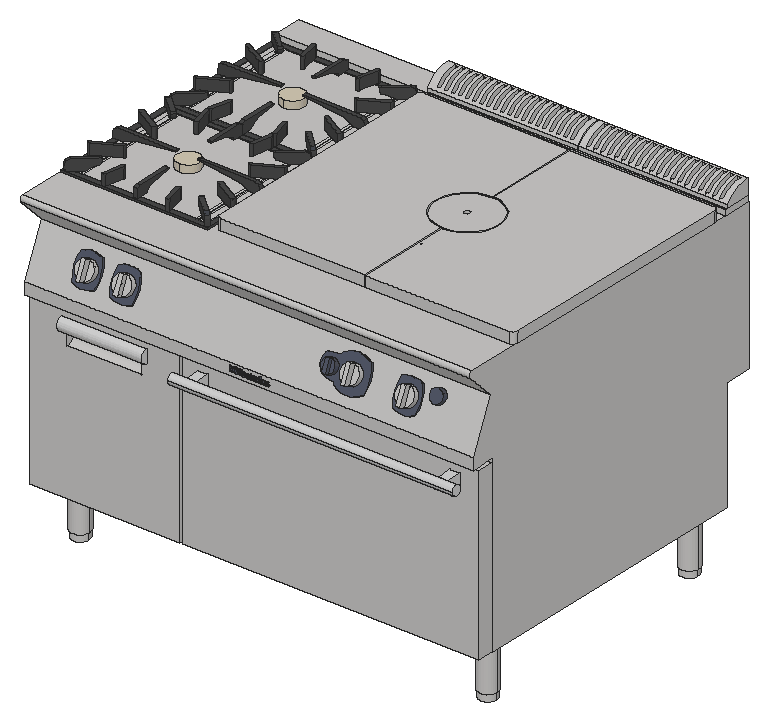
Revit family "QF_ELECTROLUXPROFESSIONAL_391021_E9STGL3010", category Specialty Equipment, Revit 2018
Family settings
  Round Connector Dimension = Use Diameter
  Part Type = Normal
  Work Plane-Based = No
  Always vertical = Yes
  Cut with Voids When Loaded = No
  Shared = No
  Room Calculation Point = No
Parameters
  Width = 1200 mm  # constant formula
  Weight in Pounds = 207  # constant formula
  Watts = 0 W
  URL Cutsheet = "www.electrolux.com"
  URL = "www.electrolux.com"
  Type Mark [instance] = ""
  Status [instance] = ""
  Specification by User [instance] = ""
  Specification by Manufacturer = ""
  Show Logo [instance] = yes
  Show Clearance [instance] = yes
  Serial Number = ""
  Seismic Rating = ""
  SMACNA No = ""
  Revision Code [instance] = ""
  Omniclass Number and Title = ""
  NAFEM Spec ID Number = ""
  Model = "391021"
  Mechanical Remarks [instance] = ""
  Mechanical Connection Type [instance] = ""
  Masterspec = ""
  Manufacturer = "ELECTROLUX"
  Item Number [instance] = ""
  Installed By [instance] = ""
  Identify Quantity as Lot [instance] = yes
  Height = 909 mm  # constant formula
  HP = "0 HP"
  Gas Size = 12.7 mm  # 1/2"
  Gas RI Height [instance] = 0 mm
  Gas KW [instance] = 35  # constant formula
  Gas Input [instance] = 119315.0 Btu/h
  Gas Connection Height = 0 mm
  Furnished By [instance] = ""
  Foodservice Equipment Identifier [instance] = yes
  Direct Waste Size = 0"
  Description = "900XP GAS SOLID TOP, GAS OVEN WITH TWO BURNERS AND CUPBOARD- LPG/NATURAL GAS"
  Depth = 700 mm  # constant formula
  CSI MasterFormat = ""
  CSI Master Format = ""
  Assembly Code = ""
Reference planes
  plane 1 "BACK": y = 0
  plane 2: z = 0
  plane 3 "LEFT": x = 0
  plane 4 "RIGHT": x = 1200
  plane 5 "FRONT": y = -930
  plane 6 "TOP": z = 908
  plane 7 "Center Y": x = 600
  plane 8 "Center X": y = -465
  plane 9 "Base": z = 150
  plane 10: z = 851
  plane 11: y = -126
  plane 12: y = -799.871
  plane 13: y = -664
  plane 14: y = -1309
  plane 15: y = -576
  plane 16: x = 1144
  plane 17: x = 56
  plane 18: z = 909
Forms (mm)
  Revolve 1, solid, material "QF_Finishes_Stainless Steel"
    sketch origin (1, -126, 0) x (1, 0, 0) y (0, 0, 1)
      loop
        line (55, 0) -> (55, 150) -> (29.6, 150) -> (29.6, 19.05) -> (32.1, 19.05) -> (32.1, 0) -> (55, 0)
      axis (55, 0) -> (55, 150)
    angle from 0 to 360
  Revolve 2, solid, material "QF_Finishes_Stainless Steel"
    sketch origin (1, -799.458, 0) x (1, 0, 0) y (0, 0, 1)
      loop
        line (55, 0) -> (55, 150) -> (29.6, 150) -> (29.6, 19.05) -> (32.1, 19.05) -> (32.1, 0) -> (55, 0)
      axis (55, 0) -> (55, 150)
    angle from 0 to 360
  Revolve 3, solid, material "QF_Finishes_Stainless Steel"
    sketch origin (799, -126, 0) x (-1, 0, 0) y (0, 0, -1)
      loop
        line (-345, 0) -> (-367.9, 0) -> (-367.9, -19.05) -> (-370.4, -19.05) -> (-370.4, -150) -> (-345, -150) -> (-345, 0)
      axis (-345, 0) -> (-345, -150)
    angle from 0 to 360
  Revolve 4, solid, material "QF_Finishes_Stainless Steel"
    sketch origin (799, -799.458, 0) x (-1, 0, 0) y (0, 0, -1)
      loop
        line (-345, 0) -> (-367.9, 0) -> (-367.9, -19.05) -> (-370.4, -19.05) -> (-370.4, -150) -> (-345, -150) -> (-345, 0)
      axis (-345, 0) -> (-345, -150)
    angle from 0 to 360
  Extrusion 5, solid, material "QF_Finishes_Stainless Steel"
    sketch origin (0, 0, 0) x (0, 1, 0) y (0, 0, 1)
      loop
        line (0, 451) -> (0, 851) -> (-921.37, 851)
        arc (-921.37, 851) -> (-929.343, 845.673) -> (-927.472, 836.268) r 8.63
        line (-927.472, 836.268) -> (-858.137, 766.933) -> (-915.833, 641.576) -> (-915.833, 610.279) -> (-855.71, 614.975)
        arc (-855.71, 614.975) -> (-853.185, 614.227) -> (-852.093, 611.831) r 3.175
        line (-852.093, 611.831) -> (-852.093, 150) -> (-71, 150) -> (-71, 451) -> (0, 451)
    from 0 to 1200
  Extrusion 6, solid, material "QF_Finishes_Stainless Steel"
    sketch origin (0, -852.093, 611.831) x (0, 0, -1) y (1, 0, 0)
      loop
        line (461.831, 408.5) -> (461.831, 1200) -> (9.61, 1200) -> (9.61, 408.5) -> (461.831, 408.5)
      loop
        line (461.831, 0) -> (461.831, 400.5) -> (9.61, 400.5) -> (9.61, 0) -> (461.831, 0)
      loop
        line (95.781, 100.253) -> (95.781, 300.8) -> (44.981, 300.8) -> (44.981, 100.253) -> (95.781, 100.253)
    from 3.175 to 47.778
  Extrusion 7, solid, material "QF_Finishes_Stainless Steel"
    sketch origin (0, 0, 576.213) x (0, 1, 0) y (0, 0, 1)
      loop
        line (0, 274.787) -> (0, 289.075) -> (-76.2, 289.075) -> (-76.2, 274.787) -> (0, 274.787)
    from 0 to 1200
  Extrusion 8, solid, material "QF_Finishes_Stainless Steel"
    sketch origin (0, -852.093, 150) x (1, 0, 0) y (0, -1, 0)
      loop
        circle (1148, -188.093) r 6.4
    from 0 to 21
  Extrusion 9, solid, material "QF_Door-Drawer Clearances", visible <- "Show Clearance", detail levels coarse
    sketch origin (0, -199.871, 0) x (0, 1, 0) y (0, 0, 1)
      loop
        line (-1109, 150) -> (-700, 150) -> (-700, 601.405)
        arc (-700, 601.405) -> (-991.543, 454.568) -> (-1109, 150) r 453.603
    from 0 to 1200
  Extrusion 10, solid, material "QF_Clearances", visible <- "Show Clearance", detail levels coarse
    sketch origin (0, -199.871, 0) x (1, 0, 0) y (0, 1, 0)
      loop
        line (-100, -730.129) -> (0, -730.129) -> (0, 199.871) -> (1200, 199.871) -> (1200, -730.129) -> (1300, -730.129) -> (1300, 299.871) -> (-100, 299.871) -> (-100, -730.129)
    from 0 to 909
  Extrusion 11, solid, material "QF_Finishes_Handrails and Railings"
    sketch origin (400, -199.871, 0) x (0, 1, 0) y (0, 0, 1)
      loop
        line (-700, 580.101) -> (-738.678, 577.396)
        arc (-738.678, 577.396) -> (-739.871, 563.589) -> (-752.981, 559.093) r 12.7
        arc (-752.981, 559.093) -> (-752.44, 558.276) -> (-751.841, 557.501) r 13.441
        arc (-751.841, 557.501) -> (-750.036, 556.055) -> (-747.808, 555.435) r 5.77
        line (-747.808, 555.435) -> (-700, 552.092) -> (-700, 580.101)
    from 50.8 to 76.2
  Extrusion 12, solid, material "QF_Finishes_Handrails and Railings"
    sketch origin (1200, -199.871, 0) x (0, 1, 0) y (0, 0, -1)
      loop
        line (-700, -580.101) -> (-700, -552.092) -> (-747.808, -555.435)
        arc (-747.808, -555.435) -> (-750.036, -556.055) -> (-751.841, -557.501) r 5.77
        arc (-751.841, -557.501) -> (-752.44, -558.276) -> (-752.981, -559.093) r 13.441
        arc (-752.981, -559.093) -> (-739.871, -563.589) -> (-738.678, -577.396) r 12.7
        line (-738.678, -577.396) -> (-700, -580.101)
    from 50.8 to 76.2
  Extrusion 13, solid, material "QF_Finishes_Handrails and Railings"
    sketch origin (400, -199.871, 0) x (0, 1, 0) y (0, 0, 1)
      loop
        circle (-749.878, 571.409) r 12.7
    from 19.875 to 780.125
  Extrusion 14, solid, material "QF_Finishes_Handrails and Railings"
    sketch origin (177.525, -643.767, 1933.213) x (0, 0.885087, 0.465426) y (0, -0.465426, 0.885087)
      loop
        arc (-854.583, -1074.877) -> (-878.595, -1082.338) -> (-871.133, -1106.35) r 17.78
        line (-871.133, -1106.35) -> (-854.583, -1074.877)
    from -89.972 to 135.975
  Extrusion 15, solid, material "QF_Finishes_Stainless Steel"
    sketch origin (-22.5, -199.871, 28.959) x (0, 1, 0) y (0, 0, 1)
      loop
        line (-700, 487.091) -> (-657.087, 487.091) -> (-657.087, 537.891) -> (-678.147, 537.891) -> (-678.147, 511.564)
        arc (-678.147, 511.564) -> (-684.405, 495.159) -> (-700, 487.091) r 24.63
    from 122.753 to 323.3
  Extrusion 16, solid, material "QF_Finishes_Stainless Steel"
    sketch origin (402.6, -199.871, 850.85) x (0, -1, 0) y (1, 0, 0)
      loop
        arc (-99.871, 13.8) -> (-96.151, 4.82) -> (-87.171, 1.1) r 12.7
        line (-87.171, 1.1) -> (568.629, 1.1)
        arc (568.629, 1.1) -> (577.609, 4.82) -> (581.329, 13.8) r 12.7
        line (581.329, 13.8) -> (581.329, 398.413) -> (326.205, 398.413)
        arc (326.205, 398.413) -> (240.65, 314.787) -> (155.25, 398.571) r 85.497
        line (155.25, 398.571) -> (-99.871, 398.571) -> (-99.871, 13.8)
      loop
        arc (581.329, 784.7) -> (577.609, 793.68) -> (568.629, 797.4) r 12.7
        line (568.629, 797.4) -> (-87.171, 797.4)
        arc (-87.171, 797.4) -> (-96.151, 793.68) -> (-99.871, 784.7) r 12.7
        line (-99.871, 784.7) -> (-99.871, 401.528) -> (155.244, 401.528)
        arc (155.244, 401.528) -> (240.97, 485.459) -> (326.222, 401.047) r 85.5
        line (326.222, 401.047) -> (581.329, 401.047) -> (581.329, 784.7)
      loop
        circle (240.73, 400) r 82.6
      loop
        circle (240.73, 400) r 7
    from 0 to 28.575
  Extrusion 17, solid, material "QF_Finishes_Stainless Steel"
    sketch origin (402.6, -199.871, 850.85) x (0, -1, 0) y (1, 0, 0)
      loop
        circle (405, 400) r 7
    from 0 to 26.981
  Extrusion 18, solid, material "QF_Finishes_Navy Blue"
    sketch origin (462.744, -913.643, 646.186) x (0, 0.418102, 0.9084) y (-1, 0, 0)
      loop
        arc (102.623, -510.47) -> (67.041, -502.846) -> (31.333, -509.853) r 90.5
        arc (31.333, -509.853) -> (24.507, -539.04) -> (31.333, -568.228) r 65.817
        arc (31.333, -568.228) -> (67.04, -575.188) -> (102.623, -567.615) r 91.066
        arc (102.623, -567.615) -> (109.179, -539.043) -> (102.623, -510.47) r 65.546
    from 0 to 3.175
  Extrusion 19, solid, material "QF_Finishes_Stainless Steel"
    sketch origin (841.494, -917.356, 645.711) x (0, 0.418102, 0.9084) y (-1, 0, 0)
      loop
        circle (68.826, -160.963) r 25.4
    from 0 to 12.7
  Extrusion 20, solid, material "QF_Finishes_Stainless Steel"
    sketch origin (841.494, -928.893, 651.021) x (0, 0.418102, 0.9084) y (-1, 0, 0)
      loop
        arc (93.558, -166.749) -> (94.226, -160.963) -> (93.558, -155.177) r 25.4
        line (93.558, -155.177) -> (44.094, -155.177)
        arc (44.094, -155.177) -> (43.426, -160.963) -> (44.094, -166.749) r 25.4
        line (44.094, -166.749) -> (93.558, -166.749)
    from 0 to 12.7
  Extrusion 21, solid, material "QF_Finishes_Navy Blue"
    sketch origin (762.014, -903.19, 668.896) x (0, 0.418102, 0.9084) y (-1, 0, 0)
      loop
        circle (65.471, -315.169) r 17.78
    from 0 to 12.7
  Extrusion 22, solid, material "QF_Finishes_Navy Blue"
    sketch origin (315.287, -913.643, 646.186) x (0, 0.418102, 0.9084) y (-1, 0, 0)
      loop
        arc (104.355, -502.587) -> (101.326, -501.258) -> (98.25, -500.039) r 91.066
        arc (98.25, -500.039) -> (96.592, -482.449) -> (93.213, -465.107) r 179.528
        arc (93.213, -465.107) -> (69.244, -452.795) -> (45.274, -465.107) r 29.489
        arc (45.274, -465.107) -> (38.909, -481.441) -> (37.449, -498.912) r 61.044
        arc (37.449, -498.912) -> (34.471, -499.962) -> (31.532, -501.116) r 91.066
        arc (31.532, -501.116) -> (19.517, -540.223) -> (32.929, -578.873) r 65.817
        arc (32.929, -578.873) -> (68.105, -585.173) -> (102.996, -577.452) r 91.066
        arc (102.996, -577.452) -> (115.418, -540.233) -> (104.355, -502.587) r 65.546
    from 0 to 3.175
  Extrusion 23, solid, material "QF_Finishes_Stainless Steel"
    sketch origin (694.037, -917.356, 645.711) x (0, 0.418102, 0.9084) y (-1, 0, 0)
      loop
        circle (68.826, -160.963) r 25.4
    from 0 to 12.7
  Extrusion 24, solid, material "QF_Finishes_Stainless Steel"
    sketch origin (694.037, -928.893, 651.021) x (0, 0.418102, 0.9084) y (-1, 0, 0)
      loop
        arc (93.558, -166.749) -> (94.226, -160.963) -> (93.558, -155.177) r 25.4
        line (93.558, -155.177) -> (44.094, -155.177)
        arc (44.094, -155.177) -> (43.426, -160.963) -> (44.094, -166.749) r 25.4
        line (44.094, -166.749) -> (93.558, -166.749)
    from 0 to 12.7
  Extrusion 25, solid, material "QF_Finishes_Navy Blue"
    sketch origin (636.537, -917.356, 645.711) x (0, 0.418102, 0.9084) y (-1, 0, 0)
      loop
        circle (68.826, -160.963) r 18.37
    from 0 to 12.7
  Extrusion 26, solid, material "QF_Finishes_Navy Blue"
    sketch origin (635.246, -928.893, 651.021) x (0, 0.418102, 0.9084) y (-1, 0, 0)
      loop
        arc (84.808, -167.687) -> (85.476, -161.901) -> (84.808, -156.114) r 25.4
        line (84.808, -156.114) -> (52.844, -156.114)
        arc (52.844, -156.114) -> (52.176, -161.901) -> (52.844, -167.687) r 25.4
        line (52.844, -167.687) -> (84.808, -167.687)
    from 0 to 8.112
  Extrusion 27, solid, material "QF_Finishes_Navy Blue"
    sketch origin (-392.256, -913.643, 646.186) x (0, 0.418102, 0.9084) y (-1, 0, 0)
      loop
        arc (102.623, -510.47) -> (67.041, -502.846) -> (31.333, -509.853) r 90.5
        arc (31.333, -509.853) -> (24.507, -539.04) -> (31.333, -568.228) r 65.817
        arc (31.333, -568.228) -> (67.04, -575.188) -> (102.623, -567.615) r 91.066
        arc (102.623, -567.615) -> (109.179, -539.043) -> (102.623, -510.47) r 65.546
    from 0 to 3.175
  Extrusion 28, solid, material "QF_Finishes_Stainless Steel"
    sketch origin (-13.506, -917.356, 645.711) x (0, 0.418102, 0.9084) y (-1, 0, 0)
      loop
        circle (68.826, -160.963) r 25.4
    from 0 to 12.7
  Extrusion 29, solid, material "QF_Finishes_Stainless Steel"
    sketch origin (-13.506, -928.893, 651.021) x (0, 0.418102, 0.9084) y (-1, 0, 0)
      loop
        arc (93.558, -166.749) -> (94.226, -160.963) -> (93.558, -155.177) r 25.4
        line (93.558, -155.177) -> (44.094, -155.177)
        arc (44.094, -155.177) -> (43.426, -160.963) -> (44.094, -166.749) r 25.4
        line (44.094, -166.749) -> (93.558, -166.749)
    from 0 to 12.7
  Extrusion 30, solid, material "QF_Finishes_Navy Blue"
    sketch origin (-292.256, -913.643, 646.186) x (0, 0.418102, 0.9084) y (-1, 0, 0)
      loop
        arc (102.623, -510.47) -> (67.041, -502.846) -> (31.333, -509.853) r 90.5
        arc (31.333, -509.853) -> (24.507, -539.04) -> (31.333, -568.228) r 65.817
        arc (31.333, -568.228) -> (67.04, -575.188) -> (102.623, -567.615) r 91.066
        arc (102.623, -567.615) -> (109.179, -539.043) -> (102.623, -510.47) r 65.546
    from 0 to 3.175
  Extrusion 31, solid, material "QF_Finishes_Stainless Steel"
    sketch origin (86.494, -917.356, 645.711) x (0, 0.418102, 0.9084) y (-1, 0, 0)
      loop
        circle (68.826, -160.963) r 25.4
    from 0 to 12.7
  Extrusion 32, solid, material "QF_Finishes_Stainless Steel"
    sketch origin (86.494, -928.893, 651.021) x (0, 0.418102, 0.9084) y (-1, 0, 0)
      loop
        arc (93.558, -166.749) -> (94.226, -160.963) -> (93.558, -155.177) r 25.4
        line (93.558, -155.177) -> (44.094, -155.177)
        arc (44.094, -155.177) -> (43.426, -160.963) -> (44.094, -166.749) r 25.4
        line (44.094, -166.749) -> (93.558, -166.749)
    from 0 to 12.7
  Extrusion 33, void
    sketch origin (134.989, 0, 865.138) x (-1, 0, 0) y (0, -1, 0)
      loop
        line (-695.005, 6.761) -> (-685.709, 6.761) -> (-685.709, 63.911) -> (-695.005, 63.911) -> (-695.005, 6.761)
      loop
        line (-713.697, 6.761) -> (-704.401, 6.761) -> (-704.401, 63.911) -> (-713.697, 63.911) -> (-713.697, 6.761)
      loop
        line (-732.39, 6.761) -> (-723.094, 6.761) -> (-723.094, 63.911) -> (-732.39, 63.911) -> (-732.39, 6.761)
      loop
        line (-751.082, 6.761) -> (-741.787, 6.761) -> (-741.787, 63.911) -> (-751.082, 63.911) -> (-751.082, 6.761)
      loop
        line (-769.775, 6.761) -> (-760.479, 6.761) -> (-760.479, 63.911) -> (-769.775, 63.911) -> (-769.775, 6.761)
      loop
        line (-788.468, 6.761) -> (-779.172, 6.761) -> (-779.172, 63.911) -> (-788.468, 63.911) -> (-788.468, 6.761)
      loop
        line (-807.16, 6.761) -> (-797.864, 6.761) -> (-797.864, 63.911) -> (-807.16, 63.911) -> (-807.16, 6.761)
      loop
        line (-825.853, 6.761) -> (-816.557, 6.761) -> (-816.557, 63.911) -> (-825.853, 63.911) -> (-825.853, 6.761)
      loop
        line (-844.545, 6.761) -> (-835.25, 6.761) -> (-835.25, 63.911) -> (-844.545, 63.911) -> (-844.545, 6.761)
      loop
        line (-863.238, 6.761) -> (-853.942, 6.761) -> (-853.942, 63.911) -> (-863.238, 63.911) -> (-863.238, 6.761)
      loop
        line (-881.931, 6.761) -> (-872.635, 6.761) -> (-872.635, 63.911) -> (-881.931, 63.911) -> (-881.931, 6.761)
      loop
        line (-900.623, 6.761) -> (-891.328, 6.761) -> (-891.328, 63.911) -> (-900.623, 63.911) -> (-900.623, 6.761)
      loop
        line (-919.316, 6.761) -> (-910.02, 6.761) -> (-910.02, 63.911) -> (-919.316, 63.911) -> (-919.316, 6.761)
      loop
        line (-938.008, 6.761) -> (-928.713, 6.761) -> (-928.713, 63.911) -> (-938.008, 63.911) -> (-938.008, 6.761)
      loop
        line (-956.701, 6.761) -> (-947.405, 6.761) -> (-947.405, 63.911) -> (-956.701, 63.911) -> (-956.701, 6.761)
      loop
        line (-975.394, 6.761) -> (-966.098, 6.761) -> (-966.098, 63.911) -> (-975.394, 63.911) -> (-975.394, 6.761)
      loop
        line (-994.086, 6.761) -> (-984.791, 6.761) -> (-984.791, 63.911) -> (-994.086, 63.911) -> (-994.086, 6.761)
      loop
        line (-1012.779, 6.761) -> (-1003.483, 6.761) -> (-1003.483, 63.911) -> (-1012.779, 63.911) -> (-1012.779, 6.761)
      loop
        line (-1031.472, 6.761) -> (-1022.176, 6.761) -> (-1022.176, 63.911) -> (-1031.472, 63.911) -> (-1031.472, 6.761)
      loop
        line (-1050.164, 6.761) -> (-1040.868, 6.761) -> (-1040.868, 63.911) -> (-1050.164, 63.911) -> (-1050.164, 6.761)
    from 9.525 to 45.348
  Extrusion 34, solid, material "QF_Finishes_Stainless Steel"
    sketch origin (400, 0, 590.5) x (0, 1, 0) y (0, 0, 1)
      loop
        line (0, 274.788) -> (0, 317.5)
        arc (0, 317.5) -> (-38.846, 309.158) -> (-69.85, 284.312) r 86.395
        line (-69.85, 284.312) -> (-69.85, 274.788) -> (0, 274.788)
    from 400 to 800
  Extrusion 35, solid, material "QF_Finishes_Navy Blue", visible <- "Show Logo"
    sketch origin (261.109, -915.833, 613.273) x (0, 0, 1) y (-1, 0, 0)
      loop
        line (20.674, -296.698) -> (8.307, -296.698)
        arc (8.307, -296.698) -> (14.491, -301.27) -> (20.674, -296.698) r 6.467
      loop
        arc (20.674, -296.069) -> (19.505, -290.926) -> (14.849, -288.448) r 6.338
        line (14.849, -288.448) -> (14.849, -290.494)
        arc (14.849, -290.494) -> (16.333, -294.149) -> (19.778, -296.069) r 5.941
        line (19.778, -296.069) -> (20.674, -296.069)
      loop
        arc (9.203, -296.069) -> (12.648, -294.149) -> (14.132, -290.494) r 5.941
        line (14.132, -290.494) -> (14.132, -288.448)
        arc (14.132, -288.448) -> (9.438, -290.922) -> (8.148, -296.069) r 6.504
        line (8.148, -296.069) -> (9.203, -296.069)
      loop
        line (21.349, -287.979) -> (7.604, -287.979) -> (7.604, -301.742) -> (21.349, -301.742) -> (21.349, -287.979)
      loop
        arc (21.432, -304.71) -> (21.085, -304.352) -> (20.718, -304.69) r 0.358
        arc (20.718, -304.69) -> (20.404, -305.44) -> (19.687, -305.825) r 1.216
        line (19.687, -305.825) -> (9.274, -305.825)
        arc (9.274, -305.825) -> (8.614, -305.548) -> (8.218, -304.951) r 1.238
        arc (8.218, -304.951) -> (7.823, -304.7) -> (7.518, -305.054) r 0.358
        line (7.518, -305.054) -> (7.518, -314.933) -> (10.269, -314.933) -> (10.269, -314.036)
        arc (10.269, -314.036) -> (9.36, -313.456) -> (8.904, -312.479) r 1.928
        line (8.904, -312.479) -> (8.904, -309.98)
        arc (8.904, -309.98) -> (9.18, -309.251) -> (9.868, -308.887) r 1.101
        line (9.868, -308.887) -> (13.955, -308.887) -> (13.955, -312.561)
        arc (13.955, -312.561) -> (13.602, -313.058) -> (13.037, -313.286) r 1.083
        arc (13.037, -313.286) -> (12.773, -313.591) -> (13.065, -313.869) r 0.292
        line (13.065, -313.869) -> (16.028, -313.869)
        arc (16.028, -313.869) -> (16.33, -313.596) -> (16.092, -313.266) r 0.305
        arc (16.092, -313.266) -> (15.601, -313.018) -> (15.296, -312.561) r 1.083
        line (15.296, -312.561) -> (15.296, -308.887) -> (19.973, -308.887) -> (19.973, -312.635)
        arc (19.973, -312.635) -> (19.759, -313.39) -> (19.153, -313.888) r 1.314
        arc (19.153, -313.888) -> (18.934, -314.292) -> (19.288, -314.585) r 0.361
        line (19.288, -314.585) -> (21.432, -314.585) -> (21.432, -304.71)
      loop
        arc (20.715, -315.365) -> (20.335, -316.284) -> (19.416, -316.664) r 1.299
        line (19.416, -316.664) -> (9.837, -316.664)
        arc (9.837, -316.664) -> (8.999, -316.286) -> (8.728, -315.408) r 1.118
        line (8.728, -315.408) -> (7.518, -315.408) -> (7.518, -320.758) -> (8.706, -320.758)
        arc (8.706, -320.758) -> (8.978, -319.841) -> (9.848, -319.445) r 1.153
        line (9.848, -319.445) -> (21.92, -319.445) -> (20.715, -315.365)
      loop
        line (12.483, -323.394) -> (12.483, -329.842) -> (13.282, -329.842)
        arc (13.282, -329.842) -> (15.862, -328.857) -> (17.131, -326.404) r 3.874
        line (17.131, -326.404) -> (17.131, -324.643)
        arc (17.131, -324.643) -> (15.944, -321.778) -> (13.08, -320.592) r 4.051
        line (13.08, -320.592) -> (11.072, -320.592)
        arc (11.072, -320.592) -> (8.253, -322.077) -> (7.202, -325.084) r 4.352
        arc (7.202, -325.084) -> (7.566, -327.547) -> (8.943, -329.621) r 5.713
        line (8.943, -329.621) -> (9.892, -329.621)
        arc (9.892, -329.621) -> (9.16, -328.052) -> (8.943, -326.334) r 5.579
        arc (8.943, -326.334) -> (9.737, -324.371) -> (11.616, -323.394) r 3.057
        line (11.616, -323.394) -> (12.483, -323.394)
      loop
        line (13.742, -323.394) -> (13.742, -326.977)
        arc (13.742, -326.977) -> (15.199, -327.024) -> (16.082, -325.864) r 1.59
        line (16.082, -325.864) -> (16.082, -325.034)
        arc (16.082, -325.034) -> (15.217, -323.779) -> (13.742, -323.394) r 2.184
      loop
        arc (16.533, -339.259) -> (17.022, -337.585) -> (17.179, -335.848) r 9.023
        line (17.179, -335.848) -> (17.179, -334.486)
        arc (17.179, -334.486) -> (16.02, -331.686) -> (13.22, -330.527) r 3.959
        line (13.22, -330.527) -> (10.62, -330.527)
        arc (10.62, -330.527) -> (8.338, -331.819) -> (7.221, -334.192) r 4.331
        line (7.221, -334.192) -> (7.221, -336.327)
        arc (7.221, -336.327) -> (7.729, -337.877) -> (8.651, -339.223) r 5.772
        arc (8.651, -339.223) -> (9.412, -339.274) -> (9.499, -338.515) r 0.553
        arc (9.499, -338.515) -> (9.111, -337.781) -> (8.977, -336.962) r 2.573
        line (8.977, -336.962) -> (8.977, -335.447)
        arc (8.977, -335.447) -> (9.983, -333.806) -> (11.798, -333.163) r 2.884
        line (11.798, -333.163) -> (13.077, -333.163)
        arc (13.077, -333.163) -> (14.898, -333.723) -> (15.824, -335.388) r 2.554
        line (15.824, -335.388) -> (15.824, -336.441)
        arc (15.824, -336.441) -> (15.493, -337.369) -> (14.836, -338.104) r 2.564
        arc (14.836, -338.104) -> (14.614, -338.821) -> (15.223, -339.259) r 0.643
        line (15.223, -339.259) -> (16.533, -339.259)
      loop
        line (15.515, -339.53) -> (15.515, -341.031) -> (9.467, -341.031)
        arc (9.467, -341.031) -> (7.879, -341.688) -> (7.221, -343.276) r 2.246
        line (7.221, -343.276) -> (7.221, -344.86)
        arc (7.221, -344.86) -> (7.535, -345.725) -> (8.035, -346.496) r 4.06
        arc (8.035, -346.496) -> (8.768, -346.629) -> (9.019, -345.928) r 0.576
        arc (9.019, -345.928) -> (8.913, -345.403) -> (8.977, -344.87) r 1.69
        arc (8.977, -344.87) -> (9.519, -344.082) -> (10.425, -343.779) r 1.506
        line (10.425, -343.779) -> (15.563, -343.779) -> (15.563, -346.176) -> (16.119, -346.733) -> (16.941, -346.733) -> (16.941, -343.873) -> (20.172, -343.873) -> (15.515, -339.53)
      loop
        line (7.438, -347.63) -> (7.438, -353.017) -> (8.548, -353.017)
        arc (8.548, -353.017) -> (8.942, -352.066) -> (9.893, -351.672) r 1.345
        line (9.893, -351.672) -> (13.509, -351.672)
        arc (13.509, -351.672) -> (14.274, -352.264) -> (14.564, -353.186) r 1.615
        line (14.564, -353.186) -> (14.564, -354.742) -> (17.119, -355.427) -> (17.119, -354.044) -> (15.177, -351.485) -> (17.057, -351.485) -> (16.773, -348.779)
        arc (16.773, -348.779) -> (16.333, -348.249) -> (15.674, -348.45) r 0.621
        arc (15.674, -348.45) -> (15.274, -348.792) -> (14.78, -348.975) r 1.501
        line (14.78, -348.975) -> (9.893, -348.975)
        arc (9.893, -348.975) -> (8.942, -348.581) -> (8.548, -347.63) r 1.345
        line (8.548, -347.63) -> (7.438, -347.63)
      loop
        line (13.54, -354.964) -> (10.848, -354.964)
        arc (10.848, -354.964) -> (8.403, -356.272) -> (7.269, -358.803) r 4.288
        arc (7.269, -358.803) -> (7.205, -360.183) -> (7.269, -361.563) r 15.022
        arc (7.269, -361.563) -> (8.403, -364.094) -> (10.848, -365.401) r 4.288
        line (10.848, -365.401) -> (13.54, -365.401)
        arc (13.54, -365.401) -> (15.986, -364.094) -> (17.119, -361.563) r 4.288
        arc (17.119, -361.563) -> (17.183, -360.183) -> (17.119, -358.803) r 15.022
        arc (17.119, -358.803) -> (15.986, -356.272) -> (13.54, -354.964) r 4.288
      loop
        line (13.745, -358.078) -> (10.643, -358.078)
        arc (10.643, -358.078) -> (8.486, -360.235) -> (10.643, -362.392) r 2.157
        line (10.643, -362.392) -> (13.745, -362.392)
        arc (13.745, -362.392) -> (15.902, -360.235) -> (13.745, -358.078) r 2.157
      loop
        arc (20.726, -365.26) -> (20.355, -366.154) -> (19.461, -366.524) r 1.264
        line (19.461, -366.524) -> (9.597, -366.524)
        arc (9.597, -366.524) -> (8.727, -366.127) -> (8.455, -365.211) r 1.153
        line (8.455, -365.211) -> (7.518, -365.211) -> (7.518, -370.319) -> (8.446, -370.319)
        arc (8.446, -370.319) -> (8.805, -369.547) -> (9.597, -369.232) r 1.153
        line (9.597, -369.232) -> (21.92, -369.232) -> (20.726, -365.26)
      loop
        arc (15.846, -369.857) -> (15.647, -370.921) -> (14.678, -371.403) r 1.215
        line (14.678, -371.403) -> (9.658, -371.403)
        arc (9.658, -371.403) -> (8.043, -372.051) -> (7.322, -373.634) r 2.338
        line (7.322, -373.634) -> (7.322, -375.148)
        arc (7.322, -375.148) -> (7.497, -376.152) -> (7.999, -377.038) r 2.979
        line (7.999, -377.038) -> (7.518, -378.835) -> (7.518, -380.524) -> (16.943, -380.524) -> (16.649, -376.32) -> (15.863, -376.32)
        arc (15.863, -376.32) -> (15.507, -377.156) -> (14.755, -377.665) r 1.605
        line (14.755, -377.665) -> (9.652, -377.665)
        arc (9.652, -377.665) -> (9.232, -376.728) -> (9.159, -375.704) r 2.94
        arc (9.159, -375.704) -> (9.72, -374.603) -> (10.873, -374.16) r 1.724
        line (10.873, -374.16) -> (17.07, -374.16) -> (15.846, -369.857)
      loop
        line (16.874, -381.377) -> (15.202, -383.423) -> (12.028, -385.729) -> (8.572, -382.617)
        arc (8.572, -382.617) -> (8.335, -382.223) -> (8.357, -381.764) r 0.789
        line (8.357, -381.764) -> (7.518, -381.764) -> (7.518, -385.309) -> (8.344, -385.309)
        arc (8.344, -385.309) -> (8.686, -384.947) -> (9.176, -385.039) r 0.52
        line (9.176, -385.039) -> (10.976, -386.51) -> (8.858, -387.886)
        arc (8.858, -387.886) -> (8.457, -387.576) -> (8.37, -387.076) r 0.7
        line (8.37, -387.076) -> (7.518, -387.076) -> (7.518, -393.003) -> (8.405, -393.003)
        arc (8.405, -393.003) -> (8.472, -392.344) -> (8.866, -391.813) r 1.247
        line (8.866, -391.813) -> (13.066, -388.532) -> (15.513, -390.585) -> (16.874, -392.327) -> (16.874, -388.604) -> (15.389, -389.026) -> (13.868, -387.749) -> (15.568, -386.559) -> (16.874, -387.336) -> (16.874, -381.377)
    from 0 to 1.644
  Extrusion 36, solid, material "QF_Finishes_Stainless Steel"
    sketch origin (0, -852.093, 150) x (1, 0, 0) y (0, -1, 0)
      loop
        circle (1157, -276.093) r 12.7
    from 0 to 21
  Extrusion 37, void
    sketch origin (-265.011, 0, 865.138) x (-1, 0, 0) y (0, -1, 0)
      loop
        line (-695.005, 6.761) -> (-685.709, 6.761) -> (-685.709, 63.911) -> (-695.005, 63.911) -> (-695.005, 6.761)
      loop
        line (-713.697, 6.761) -> (-704.401, 6.761) -> (-704.401, 63.911) -> (-713.697, 63.911) -> (-713.697, 6.761)
      loop
        line (-732.39, 6.761) -> (-723.094, 6.761) -> (-723.094, 63.911) -> (-732.39, 63.911) -> (-732.39, 6.761)
      loop
        line (-751.082, 6.761) -> (-741.787, 6.761) -> (-741.787, 63.911) -> (-751.082, 63.911) -> (-751.082, 6.761)
      loop
        line (-769.775, 6.761) -> (-760.479, 6.761) -> (-760.479, 63.911) -> (-769.775, 63.911) -> (-769.775, 6.761)
      loop
        line (-788.468, 6.761) -> (-779.172, 6.761) -> (-779.172, 63.911) -> (-788.468, 63.911) -> (-788.468, 6.761)
      loop
        line (-807.16, 6.761) -> (-797.864, 6.761) -> (-797.864, 63.911) -> (-807.16, 63.911) -> (-807.16, 6.761)
      loop
        line (-825.853, 6.761) -> (-816.557, 6.761) -> (-816.557, 63.911) -> (-825.853, 63.911) -> (-825.853, 6.761)
      loop
        line (-844.545, 6.761) -> (-835.25, 6.761) -> (-835.25, 63.911) -> (-844.545, 63.911) -> (-844.545, 6.761)
      loop
        line (-863.238, 6.761) -> (-853.942, 6.761) -> (-853.942, 63.911) -> (-863.238, 63.911) -> (-863.238, 6.761)
      loop
        line (-881.931, 6.761) -> (-872.635, 6.761) -> (-872.635, 63.911) -> (-881.931, 63.911) -> (-881.931, 6.761)
      loop
        line (-900.623, 6.761) -> (-891.328, 6.761) -> (-891.328, 63.911) -> (-900.623, 63.911) -> (-900.623, 6.761)
      loop
        line (-919.316, 6.761) -> (-910.02, 6.761) -> (-910.02, 63.911) -> (-919.316, 63.911) -> (-919.316, 6.761)
      loop
        line (-938.008, 6.761) -> (-928.713, 6.761) -> (-928.713, 63.911) -> (-938.008, 63.911) -> (-938.008, 6.761)
      loop
        line (-956.701, 6.761) -> (-947.405, 6.761) -> (-947.405, 63.911) -> (-956.701, 63.911) -> (-956.701, 6.761)
      loop
        line (-975.394, 6.761) -> (-966.098, 6.761) -> (-966.098, 63.911) -> (-975.394, 63.911) -> (-975.394, 6.761)
      loop
        line (-994.086, 6.761) -> (-984.791, 6.761) -> (-984.791, 63.911) -> (-994.086, 63.911) -> (-994.086, 6.761)
      loop
        line (-1012.779, 6.761) -> (-1003.483, 6.761) -> (-1003.483, 63.911) -> (-1012.779, 63.911) -> (-1012.779, 6.761)
      loop
        line (-1031.472, 6.761) -> (-1022.176, 6.761) -> (-1022.176, 63.911) -> (-1031.472, 63.911) -> (-1031.472, 6.761)
      loop
        line (-1050.164, 6.761) -> (-1040.868, 6.761) -> (-1040.868, 63.911) -> (-1050.164, 63.911) -> (-1050.164, 6.761)
    from 9.525 to 45.348
  Extrusion 38, solid, material "QF_Finishes_Stainless Steel"
    sketch origin (0, 0, 590.5) x (0, 1, 0) y (0, 0, 1)
      loop
        line (0, 274.788) -> (0, 317.5)
        arc (0, 317.5) -> (-38.846, 309.158) -> (-69.85, 284.312) r 86.395
        line (-69.85, 284.312) -> (-69.85, 274.788) -> (0, 274.788)
    from 400 to 800
Cuts and joins
  Extrusion 33, Extrusion 37 cuts Extrusion 34
  Extrusion 37 cuts Extrusion 38
Lines and regions (mm)
  symbolic lines, style "QF_Door-Drawer Clearances"
    curve 1: line (0, -930, 150) -> (0, -1308.871, 150)
    curve 2: line (0, -1308.871, 150) -> (1200, -1308.871, 150)
    curve 3: line (1200, -1308.871, 150) -> (1200, -930, 150)
  symbolic lines
    curve 4: line (1200, -930, 150) -> (0, -930, 150)
    curve 5: line (0, 0, 150) -> (0, -930, 150)
    curve 6: line (0, -69.85, 150) -> (1200, -69.85, 150)
    curve 7: line (0, -76.2, 150) -> (1200, -76.2, 150)
    curve 8: line (1200, -930, 150) -> (1200, 0, 150)
    curve 9: line (0, 0, 150) -> (1200, 0, 150)
    curve 13: line (1180.125, -962.449, 150) -> (419.875, -962.449, 150)
    curve 14: line (1180.125, -937.049, 150) -> (1180.125, -962.449, 150)
    curve 15: line (1149.2, -938.549, 150) -> (1149.2, -930, 150)
    curve 16: line (1123.8, -938.549, 150) -> (1123.8, -930, 150)
    curve 17: line (1123.8, -938.549, 150) -> (1149.2, -938.549, 150)
    curve 18: line (419.875, -937.049, 150) -> (450.8, -937.049, 150)
    curve 19: line (1149.2, -937.049, 150) -> (1180.125, -937.049, 150)
    curve 20: line (829.994, -6.761, 150) -> (829.994, -63.911, 150)
    curve 21: line (829.994, -63.911, 150) -> (820.698, -63.911, 150)
    curve 22: line (820.698, -63.911, 150) -> (820.698, -6.761, 150)
    curve 23: line (820.698, -6.761, 150) -> (829.994, -6.761, 150)
    curve 24: line (1035.612, -6.761, 150) -> (1035.612, -63.911, 150)
    curve 25: line (1035.612, -63.911, 150) -> (1026.317, -63.911, 150)
    curve 26: line (1026.317, -63.911, 150) -> (1026.317, -6.761, 150)
    curve 27: line (1026.317, -6.761, 150) -> (1035.612, -6.761, 150)
    curve 28: line (1016.92, -6.761, 150) -> (1016.92, -63.911, 150)
    curve 29: line (1016.92, -63.911, 150) -> (1007.624, -63.911, 150)
    curve 30: line (1007.624, -63.911, 150) -> (1007.624, -6.761, 150)
    curve 31: line (1007.624, -6.761, 150) -> (1016.92, -6.761, 150)
    curve 32: line (998.227, -6.761, 150) -> (998.227, -63.911, 150)
    curve 33: line (998.227, -63.911, 150) -> (988.931, -63.911, 150)
    curve 34: line (988.931, -63.911, 150) -> (988.931, -6.761, 150)
    curve 35: line (988.931, -6.761, 150) -> (998.227, -6.761, 150)
    curve 36: line (979.534, -6.761, 150) -> (979.534, -63.911, 150)
    curve 37: line (979.534, -63.911, 150) -> (970.239, -63.911, 150)
    curve 38: line (970.239, -63.911, 150) -> (970.239, -6.761, 150)
    curve 39: line (970.239, -6.761, 150) -> (979.534, -6.761, 150)
    curve 40: line (960.842, -6.761, 150) -> (960.842, -63.911, 150)
    curve 41: line (960.842, -63.911, 150) -> (951.546, -63.911, 150)
    curve 42: line (951.546, -63.911, 150) -> (951.546, -6.761, 150)
    curve 43: line (951.546, -6.761, 150) -> (960.842, -6.761, 150)
    curve 44: line (942.149, -6.761, 150) -> (942.149, -63.911, 150)
    curve 45: line (942.149, -63.911, 150) -> (932.854, -63.911, 150)
    curve 46: line (932.854, -63.911, 150) -> (932.854, -6.761, 150)
    curve 47: line (932.854, -6.761, 150) -> (942.149, -6.761, 150)
    curve 48: line (923.457, -6.761, 150) -> (923.457, -63.911, 150)
    curve 49: line (923.457, -63.911, 150) -> (914.161, -63.911, 150)
    curve 50: line (914.161, -63.911, 150) -> (914.161, -6.761, 150)
    curve 51: line (914.161, -6.761, 150) -> (923.457, -6.761, 150)
    curve 52: line (904.764, -6.761, 150) -> (904.764, -63.911, 150)
    curve 53: line (904.764, -63.911, 150) -> (895.468, -63.911, 150)
    curve 54: line (895.468, -63.911, 150) -> (895.468, -6.761, 150)
    curve 55: line (895.468, -6.761, 150) -> (904.764, -6.761, 150)
    curve 56: line (886.071, -6.761, 150) -> (886.071, -63.911, 150)
    curve 57: line (886.071, -63.911, 150) -> (876.776, -63.911, 150)
    curve 58: line (876.776, -63.911, 150) -> (876.776, -6.761, 150)
    curve 59: line (876.776, -6.761, 150) -> (886.071, -6.761, 150)
    curve 60: line (867.379, -6.761, 150) -> (867.379, -63.911, 150)
    curve 61: line (867.379, -63.911, 150) -> (858.083, -63.911, 150)
    curve 62: line (858.083, -63.911, 150) -> (858.083, -6.761, 150)
    curve 63: line (858.083, -6.761, 150) -> (867.379, -6.761, 150)
    curve 64: line (848.686, -6.761, 150) -> (848.686, -63.911, 150)
    curve 65: line (848.686, -63.911, 150) -> (839.39, -63.911, 150)
    curve 66: line (839.39, -63.911, 150) -> (839.39, -6.761, 150)
    curve 67: line (839.39, -6.761, 150) -> (848.686, -6.761, 150)
    curve 68: line (1185.153, -6.761, 150) -> (1185.153, -63.911, 150)
    curve 69: line (1185.153, -63.911, 150) -> (1175.857, -63.911, 150)
    curve 70: line (1175.857, -63.911, 150) -> (1175.857, -6.761, 150)
    curve 71: line (1175.857, -6.761, 150) -> (1185.153, -6.761, 150)
    curve 72: line (1166.461, -6.761, 150) -> (1166.461, -63.911, 150)
    curve 73: line (1166.461, -63.911, 150) -> (1157.165, -63.911, 150)
    curve 74: line (1157.165, -63.911, 150) -> (1157.165, -6.761, 150)
    curve 75: line (1157.165, -6.761, 150) -> (1166.461, -6.761, 150)
    curve 76: line (1147.768, -6.761, 150) -> (1147.768, -63.911, 150)
    curve 77: line (1147.768, -63.911, 150) -> (1138.472, -63.911, 150)
    curve 78: line (1138.472, -63.911, 150) -> (1138.472, -6.761, 150)
    curve 79: line (1138.472, -6.761, 150) -> (1147.768, -6.761, 150)
    curve 80: line (1129.075, -6.761, 150) -> (1129.075, -63.911, 150)
    curve 81: line (1129.075, -63.911, 150) -> (1119.78, -63.911, 150)
    curve 82: line (1119.78, -63.911, 150) -> (1119.78, -6.761, 150)
    curve 83: line (1119.78, -6.761, 150) -> (1129.075, -6.761, 150)
    curve 84: line (1110.383, -6.761, 150) -> (1110.383, -63.911, 150)
    curve 85: line (1110.383, -63.911, 150) -> (1101.087, -63.911, 150)
    curve 86: line (1101.087, -63.911, 150) -> (1101.087, -6.761, 150)
    curve 87: line (1101.087, -6.761, 150) -> (1110.383, -6.761, 150)
    curve 88: line (1091.69, -6.761, 150) -> (1091.69, -63.911, 150)
    curve 89: line (1091.69, -63.911, 150) -> (1082.394, -63.911, 150)
    curve 90: line (1082.394, -63.911, 150) -> (1082.394, -6.761, 150)
    curve 91: line (1082.394, -6.761, 150) -> (1091.69, -6.761, 150)
    curve 92: line (1072.998, -6.761, 150) -> (1072.998, -63.911, 150)
    curve 93: line (1072.998, -63.911, 150) -> (1063.702, -63.911, 150)
    curve 94: line (1063.702, -63.911, 150) -> (1063.702, -6.761, 150)
    curve 95: line (1063.702, -6.761, 150) -> (1072.998, -6.761, 150)
    curve 96: line (1054.305, -6.761, 150) -> (1054.305, -63.911, 150)
    curve 97: line (1054.305, -63.911, 150) -> (1045.009, -63.911, 150)
    curve 98: line (1045.009, -63.911, 150) -> (1045.009, -6.761, 150)
    curve 99: line (1045.009, -6.761, 150) -> (1054.305, -6.761, 150)
    curve 100: line (800, -69.85, 150) -> (800, 0, 150)
    curve 101: line (801.171, -100, 150) -> (416.4, -100, 150)
    curve 102: arc (416.4, -100, 150) -> (407.42, -103.72, 150) -> (403.7, -112.7, 150) r 12.7
    curve 103: line (403.7, -112.7, 150) -> (403.7, -768.5, 150)
    curve 104: arc (403.7, -768.5, 150) -> (407.42, -777.48, 150) -> (416.4, -781.2, 150) r 12.7
    curve 105: line (416.4, -781.2, 150) -> (801.013, -781.2, 150)
    curve 106: line (801.013, -781.2, 150) -> (801.013, -526.076, 150)
    curve 107: arc (801.013, -526.076, 150) -> (717.387, -440.521, 150) -> (801.171, -355.121, 150) r 85.497
    curve 108: line (801.171, -355.121, 150) -> (801.171, -100, 150)
    curve 109: line (1187.3, -100, 150) -> (804.128, -100, 150)
    curve 110: line (804.128, -100, 150) -> (804.128, -355.114, 150)
    curve 111: arc (804.128, -355.114, 150) -> (888.059, -440.841, 150) -> (803.647, -526.093, 150) r 85.5
    curve 112: line (803.647, -526.093, 150) -> (803.647, -781.2, 150)
    curve 113: line (803.647, -781.2, 150) -> (1187.3, -781.2, 150)
    curve 114: arc (1187.3, -781.2, 150) -> (1196.28, -777.48, 150) -> (1200, -768.5, 150) r 12.7
    curve 115: arc (1200, -112.7, 150) -> (1196.28, -103.72, 150) -> (1187.3, -100, 150) r 12.7
    curve 116: arc (802.6, -358.001, 150) -> (720, -440.601, 150) -> (802.6, -523.201, 150) r 82.6
    curve 117: arc (802.6, -523.201, 150) -> (885.2, -440.601, 150) -> (802.6, -358.001, 150) r 82.6
    curve 118: arc (802.6, -433.601, 150) -> (809.6, -440.601, 150) -> (802.6, -447.601, 150) r 7
    curve 119: arc (802.6, -447.601, 150) -> (795.6, -440.601, 150) -> (802.6, -433.601, 150) r 7
    curve 120: line (450.8, -938.549, 150) -> (450.8, -930, 150)
    curve 121: line (476.2, -930, 150) -> (476.2, -938.549, 150)
    curve 122: line (419.875, -937.049, 150) -> (450.8, -937.049, 150)
    curve 123: line (419.875, -962.449, 150) -> (419.875, -937.049, 150)
    curve 124: line (450.8, -938.549, 150) -> (476.2, -938.549, 150)
    curve 125: line (476.2, -937.049, 150) -> (1123.8, -937.049, 150)
    curve 126: line (429.994, -6.761, 150) -> (429.994, -63.911, 150)
    curve 127: line (429.994, -63.911, 150) -> (420.698, -63.911, 150)
    curve 128: line (420.698, -63.911, 150) -> (420.698, -6.761, 150)
    curve 129: line (420.698, -6.761, 150) -> (429.994, -6.761, 150)
    curve 130: line (635.612, -6.761, 150) -> (635.612, -63.911, 150)
    curve 131: line (635.612, -63.911, 150) -> (626.317, -63.911, 150)
    curve 132: line (626.317, -63.911, 150) -> (626.317, -6.761, 150)
    curve 133: line (626.317, -6.761, 150) -> (635.612, -6.761, 150)
    curve 134: line (616.92, -6.761, 150) -> (616.92, -63.911, 150)
    curve 135: line (616.92, -63.911, 150) -> (607.624, -63.911, 150)
    curve 136: line (607.624, -63.911, 150) -> (607.624, -6.761, 150)
    curve 137: line (607.624, -6.761, 150) -> (616.92, -6.761, 150)
    curve 138: line (598.227, -6.761, 150) -> (598.227, -63.911, 150)
    curve 139: line (598.227, -63.911, 150) -> (588.931, -63.911, 150)
    curve 140: line (588.931, -63.911, 150) -> (588.931, -6.761, 150)
    curve 141: line (588.931, -6.761, 150) -> (598.227, -6.761, 150)
    curve 142: line (579.534, -6.761, 150) -> (579.534, -63.911, 150)
    curve 143: line (579.534, -63.911, 150) -> (570.239, -63.911, 150)
    curve 144: line (570.239, -63.911, 150) -> (570.239, -6.761, 150)
    curve 145: line (570.239, -6.761, 150) -> (579.534, -6.761, 150)
    curve 146: line (560.842, -6.761, 150) -> (560.842, -63.911, 150)
    curve 147: line (560.842, -63.911, 150) -> (551.546, -63.911, 150)
    curve 148: line (551.546, -63.911, 150) -> (551.546, -6.761, 150)
    curve 149: line (551.546, -6.761, 150) -> (560.842, -6.761, 150)
    curve 150: line (542.149, -6.761, 150) -> (542.149, -63.911, 150)
    curve 151: line (542.149, -63.911, 150) -> (532.854, -63.911, 150)
    curve 152: line (532.854, -63.911, 150) -> (532.854, -6.761, 150)
    curve 153: line (532.854, -6.761, 150) -> (542.149, -6.761, 150)
    curve 154: line (523.457, -6.761, 150) -> (523.457, -63.911, 150)
    curve 155: line (523.457, -63.911, 150) -> (514.161, -63.911, 150)
    curve 156: line (514.161, -63.911, 150) -> (514.161, -6.761, 150)
    curve 157: line (514.161, -6.761, 150) -> (523.457, -6.761, 150)
    curve 158: line (504.764, -6.761, 150) -> (504.764, -63.911, 150)
    curve 159: line (504.764, -63.911, 150) -> (495.468, -63.911, 150)
    curve 160: line (495.468, -63.911, 150) -> (495.468, -6.761, 150)
    curve 161: line (495.468, -6.761, 150) -> (504.764, -6.761, 150)
    curve 162: line (486.071, -6.761, 150) -> (486.071, -63.911, 150)
    curve 163: line (486.071, -63.911, 150) -> (476.776, -63.911, 150)
    curve 164: line (476.776, -63.911, 150) -> (476.776, -6.761, 150)
    curve 165: line (476.776, -6.761, 150) -> (486.071, -6.761, 150)
    curve 166: line (467.379, -6.761, 150) -> (467.379, -63.911, 150)
    curve 167: line (467.379, -63.911, 150) -> (458.083, -63.911, 150)
    curve 168: line (458.083, -63.911, 150) -> (458.083, -6.761, 150)
    curve 169: line (458.083, -6.761, 150) -> (467.379, -6.761, 150)
    curve 170: line (448.686, -6.761, 150) -> (448.686, -63.911, 150)
    curve 171: line (448.686, -63.911, 150) -> (439.39, -63.911, 150)
    curve 172: line (439.39, -63.911, 150) -> (439.39, -6.761, 150)
    curve 173: line (439.39, -6.761, 150) -> (448.686, -6.761, 150)
    curve 174: line (785.153, -6.761, 150) -> (785.153, -63.911, 150)
    curve 175: line (785.153, -63.911, 150) -> (775.857, -63.911, 150)
    curve 176: line (775.857, -63.911, 150) -> (775.857, -6.761, 150)
    curve 177: line (775.857, -6.761, 150) -> (785.153, -6.761, 150)
    curve 178: line (766.461, -6.761, 150) -> (766.461, -63.911, 150)
    curve 179: line (766.461, -63.911, 150) -> (757.165, -63.911, 150)
    curve 180: line (757.165, -63.911, 150) -> (757.165, -6.761, 150)
    curve 181: line (757.165, -6.761, 150) -> (766.461, -6.761, 150)
    curve 182: line (747.768, -6.761, 150) -> (747.768, -63.911, 150)
    curve 183: line (747.768, -63.911, 150) -> (738.472, -63.911, 150)
    curve 184: line (738.472, -63.911, 150) -> (738.472, -6.761, 150)
    curve 185: line (738.472, -6.761, 150) -> (747.768, -6.761, 150)
    curve 186: line (729.075, -6.761, 150) -> (729.075, -63.911, 150)
    curve 187: line (729.075, -63.911, 150) -> (719.78, -63.911, 150)
    curve 188: line (719.78, -63.911, 150) -> (719.78, -6.761, 150)
    curve 189: line (719.78, -6.761, 150) -> (729.075, -6.761, 150)
    curve 190: line (710.383, -6.761, 150) -> (710.383, -63.911, 150)
    curve 191: line (710.383, -63.911, 150) -> (701.087, -63.911, 150)
    curve 192: line (701.087, -63.911, 150) -> (701.087, -6.761, 150)
    curve 193: line (701.087, -6.761, 150) -> (710.383, -6.761, 150)
    curve 194: line (691.69, -6.761, 150) -> (691.69, -63.911, 150)
    curve 195: line (691.69, -63.911, 150) -> (682.394, -63.911, 150)
    curve 196: line (682.394, -63.911, 150) -> (682.394, -6.761, 150)
    curve 197: line (682.394, -6.761, 150) -> (691.69, -6.761, 150)
    curve 198: line (672.998, -6.761, 150) -> (672.998, -63.911, 150)
    curve 199: line (672.998, -63.911, 150) -> (663.702, -63.911, 150)
    curve 200: line (663.702, -63.911, 150) -> (663.702, -6.761, 150)
    curve 201: line (663.702, -6.761, 150) -> (672.998, -6.761, 150)
    curve 202: line (654.305, -6.761, 150) -> (654.305, -63.911, 150)
    curve 203: line (654.305, -63.911, 150) -> (645.009, -63.911, 150)
    curve 204: line (645.009, -63.911, 150) -> (645.009, -6.761, 150)
    curve 205: line (645.009, -6.761, 150) -> (654.305, -6.761, 150)
    curve 206: line (800, -69.85, 150) -> (800, 0, 150)
    curve 207: line (400, -69.85, 150) -> (400, 0, 150)
  symbolic lines, style "QF_Clearances", visible <- "Show Clearance", detail levels coarse
    curve 10: line (-100, -930, 150) -> (-100, 100, 150)
    curve 11: line (-100, 100, 150) -> (1300, 100, 150)
    curve 12: line (1300, 100, 150) -> (1300, -930, 150)
Dimensions and locks
  equal spacing: plane 3 "LEFT", plane 7 "Center Y", plane 4 "RIGHT"
  plane 3 "LEFT" to plane 4 "RIGHT" = 1200 mm
  equal spacing: plane 5 "FRONT", plane 8 "Center X", plane 1 "BACK"
  plane 5 "FRONT" to plane 1 "BACK" = 930 mm  (x2)
  plane 9 "Base" to level = 150 mm
  plane 6 "TOP" to plane 10 = 57 mm  (x2)
  Extrusion 5 sketch curve to plane 1 "BACK" = 71 mm
  plane 9 "Base" to Extrusion 5 sketch curve = 301 mm
  Extrusion 8 sketch curve to plane 1 "BACK" = 664 mm
  Extrusion 8 sketch curve to plane 4 "RIGHT" = 52 mm
  Extrusion 9 to plane 12 to plane 11 to plane 1 "BACK" = 100 mm, 673.871 mm, 126 mm
  plane 10 to plane 2 = 851 mm
  Extrusion 9 to plane 1 "BACK" = 899.871 mm
  plane 2 to Extrusion 8 = 129 mm
  Extrusion 8 to plane 9 "Base" = 21 mm
  plane 13 to plane 1 "BACK" = 664 mm
  plane 14 to plane 1 "BACK" = 1309 mm
  Extrusion 5 to plane 1 "BACK" = 71 mm
  Extrusion 5 to plane 9 "Base" = 301 mm
  plane 9 "Base" to plane 2 = 150 mm
  plane 15 to plane 1 "BACK" = 576 mm
  plane 4 "RIGHT" to plane 16 to plane 17 to plane 3 "LEFT" = 56 mm, 1088 mm, 56 mm
  plane 18 to plane 2 = 909 mm
  aligned and locked: level to plane 2
Automatic sketch dimensions
  curve 116 to curve 118 = 0 mm
  curve 116 to curve 119 = 0 mm
  plane 5 "FRONT" to curve 12 = 0 mm
  curve 3 to plane 4 "RIGHT" = 0 mm
  plane 5 "FRONT" to curve 15 = 0 mm
  plane 1 "BACK" to curve 100 = 0 mm
  curve 5 to plane 3 "LEFT" = 0 mm
  plane 5 "FRONT" to curve 10 = 0 mm
  plane 4 "RIGHT" to curve 11 = 100 mm
  plane 1 "BACK" to curve 68 = 6.761 mm
  curve 68 to plane 4 "RIGHT" = 14.847 mm
  plane 5 "FRONT" to curve 19 = 7.049 mm
  curve 19 to plane 4 "RIGHT" = 19.875 mm
  curve 68 to curve 71 = 9.296 mm
  curve 70 to curve 75 = 9.397 mm
  curve 72 to curve 74 = 9.296 mm
  plane 5 "FRONT" to curve 15 = 8.549 mm
  curve 14 to curve 15 = 30.925 mm
  curve 74 to curve 79 = 9.397 mm
  curve 115 to plane 11 = 13.3 mm
  curve 76 to curve 78 = 9.296 mm
  curve 115 to curve 115 = 12.7 mm
  curve 114 to curve 114 = 12.7 mm
  curve 77 to curve 80 = 9.397 mm
  curve 15 to curve 16 = 25.4 mm
  curve 80 to curve 81 = 9.296 mm
  curve 82 to curve 84 = 9.397 mm
  curve 84 to curve 87 = 9.296 mm
  curve 85 to curve 88 = 9.397 mm
  curve 88 to curve 90 = 9.296 mm
  curve 89 to curve 93 = 9.397 mm
  curve 92 to curve 95 = 9.296 mm
  curve 94 to curve 96 = 9.397 mm
  curve 96 to curve 99 = 9.296 mm
  curve 98 to curve 24 = 9.397 mm
  curve 24 to curve 26 = 9.296 mm
  curve 25 to curve 29 = 9.397 mm
  curve 28 to curve 31 = 9.296 mm
  curve 29 to curve 33 = 9.397 mm
  curve 32 to curve 34 = 9.296 mm
  curve 34 to curve 36 = 9.397 mm
  curve 36 to curve 38 = 9.296 mm
  curve 38 to curve 40 = 9.397 mm
  curve 40 to curve 42 = 9.296 mm
  curve 42 to curve 44 = 9.397 mm
  curve 44 to curve 46 = 9.296 mm
  curve 46 to curve 48 = 9.397 mm
  curve 48 to curve 49 = 9.296 mm
  curve 49 to curve 52 = 9.397 mm
  curve 52 to curve 54 = 9.296 mm
  curve 54 to curve 56 = 9.397 mm
  curve 56 to curve 58 = 9.296 mm
  curve 58 to curve 63 = 9.397 mm
  curve 60 to curve 62 = 9.296 mm
  curve 61 to curve 64 = 9.397 mm
  curve 64 to curve 66 = 9.296 mm
  curve 65 to curve 20 = 9.397 mm
  curve 20 to curve 21 = 9.296 mm
  plane 8 "Center X" to curve 111 = 109.886 mm
  plane 7 "Center Y" to curve 111 = 204.128 mm
  curve 111 to curve 111 = 0.481 mm
  plane 8 "Center X" to curve 107 = 24.4 mm
  curve 111 to curve 107 = 1.245 mm
  curve 110 to curve 117 = 1.528 mm
  curve 118 to curve 111 = 0.04 mm
  curve 110 to curve 108 = 2.956 mm
  curve 112 to curve 105 = 2.634 mm
  curve 22 to curve 100 = 20.698 mm
  curve 206 to curve 100 = 0 mm
  curve 206 to curve 175 = 14.847 mm
  curve 174 to curve 175 = 9.296 mm
  curve 176 to curve 178 = 9.397 mm
  curve 178 to curve 181 = 9.296 mm
  curve 179 to curve 182 = 9.397 mm
  curve 182 to curve 184 = 9.296 mm
  curve 183 to curve 186 = 9.397 mm
  curve 186 to curve 187 = 9.296 mm
  curve 188 to curve 190 = 9.397 mm
  curve 190 to curve 191 = 9.296 mm
  curve 191 to curve 195 = 9.397 mm
  curve 194 to curve 196 = 9.296 mm
  curve 196 to curve 201 = 9.397 mm
  curve 198 to curve 200 = 9.296 mm
  curve 199 to curve 202 = 9.397 mm
  curve 202 to curve 204 = 9.296 mm
  curve 203 to curve 130 = 9.397 mm
  curve 130 to curve 132 = 9.296 mm
  curve 132 to curve 137 = 9.397 mm
  plane 7 "Center Y" to curve 135 = 7.624 mm
  curve 141 to plane 7 "Center Y" = 1.773 mm
  curve 138 to curve 140 = 9.296 mm
  curve 139 to curve 142 = 9.397 mm
  curve 142 to curve 143 = 9.296 mm
  curve 143 to curve 146 = 9.397 mm
  curve 146 to curve 148 = 9.296 mm
  curve 148 to curve 153 = 9.397 mm
  curve 150 to curve 152 = 9.296 mm
  curve 152 to curve 157 = 9.397 mm
  curve 154 to curve 155 = 9.296 mm
  curve 155 to curve 158 = 9.397 mm
  curve 158 to curve 160 = 9.296 mm
  curve 159 to curve 162 = 9.397 mm
  curve 162 to curve 165 = 9.296 mm
  plane 5 "FRONT" to curve 124 = 8.549 mm
  curve 124 to plane 7 "Center Y" = 123.8 mm
  plane 12 to curve 104 = 31.371 mm
  curve 104 to plane 7 "Center Y" = 183.6 mm
  curve 163 to curve 102 = 60.376 mm
  curve 164 to curve 166 = 9.397 mm
  curve 166 to curve 167 = 9.296 mm
  curve 104 to curve 103 = 12.7 mm
  plane 5 "FRONT" to curve 122 = 7.049 mm
  curve 125 to curve 122 = 25.4 mm
  curve 167 to curve 170 = 9.397 mm
  curve 170 to curve 172 = 9.296 mm
  curve 172 to curve 126 = 9.397 mm
  curve 126 to curve 127 = 9.296 mm
  curve 120 to curve 123 = 30.925 mm
  curve 128 to curve 207 = 20.698 mm
  curve 10 to plane 3 "LEFT" = 100 mm
  curve 10 to plane 1 "BACK" = 100 mm
  plane 1 "BACK" to curve 181 = 6.761 mm
  plane 1 "BACK" to curve 182 = 6.761 mm
  plane 1 "BACK" to curve 177 = 6.761 mm
  plane 1 "BACK" to curve 204 = 6.761 mm
  plane 1 "BACK" to curve 201 = 6.761 mm
  plane 1 "BACK" to curve 173 = 6.761 mm
  plane 1 "BACK" to curve 197 = 6.761 mm
  plane 1 "BACK" to curve 20 = 6.761 mm
  plane 1 "BACK" to curve 169 = 6.761 mm
  plane 1 "BACK" to curve 24 = 6.761 mm
  plane 1 "BACK" to curve 165 = 6.761 mm
  plane 1 "BACK" to curve 28 = 6.761 mm
  plane 1 "BACK" to curve 161 = 6.761 mm
  plane 1 "BACK" to curve 32 = 6.761 mm
  plane 1 "BACK" to curve 157 = 6.761 mm
  plane 1 "BACK" to curve 36 = 6.761 mm
  plane 1 "BACK" to curve 153 = 6.761 mm
  plane 1 "BACK" to curve 40 = 6.761 mm
  plane 1 "BACK" to curve 149 = 6.761 mm
  plane 1 "BACK" to curve 44 = 6.761 mm
  plane 1 "BACK" to curve 145 = 6.761 mm
  plane 1 "BACK" to curve 48 = 6.761 mm
  plane 1 "BACK" to curve 141 = 6.761 mm
  plane 1 "BACK" to curve 52 = 6.761 mm
  plane 1 "BACK" to curve 137 = 6.761 mm
  plane 1 "BACK" to curve 56 = 6.761 mm
  plane 1 "BACK" to curve 133 = 6.761 mm
  plane 1 "BACK" to curve 60 = 6.761 mm
  plane 1 "BACK" to curve 129 = 6.761 mm
  plane 1 "BACK" to curve 64 = 6.761 mm
  plane 1 "BACK" to curve 189 = 6.761 mm
  plane 1 "BACK" to curve 190 = 6.761 mm
  plane 1 "BACK" to curve 72 = 6.761 mm
  plane 1 "BACK" to curve 99 = 6.761 mm
  plane 1 "BACK" to curve 76 = 6.761 mm
  plane 1 "BACK" to curve 95 = 6.761 mm
  plane 1 "BACK" to curve 80 = 6.761 mm
  plane 1 "BACK" to curve 91 = 6.761 mm
  plane 1 "BACK" to curve 84 = 6.761 mm
  curve 85 to curve 109 = 36.089 mm
  curve 88 to curve 85 = 0 mm
  curve 84 to curve 82 = 0 mm
  curve 92 to curve 89 = 0 mm
  curve 80 to curve 78 = 0 mm
  curve 96 to curve 93 = 0 mm
  curve 76 to curve 74 = 0 mm
  curve 188 to curve 188 = 57.15 mm
  curve 72 to curve 70 = 0 mm
  curve 204 to curve 204 = 57.15 mm
  curve 186 to curve 184 = 0 mm
  curve 182 to curve 180 = 0 mm
  curve 202 to curve 200 = 0 mm
  curve 178 to curve 176 = 0 mm
  curve 198 to curve 196 = 0 mm
  curve 172 to curve 172 = 57.15 mm
  curve 20 to curve 109 = 36.089 mm
  curve 170 to curve 168 = 0 mm
  curve 24 to curve 97 = 0 mm
  curve 166 to curve 164 = 0 mm
  curve 28 to curve 25 = 0 mm
  curve 162 to curve 160 = 0 mm
  curve 20 to curve 66 = 0 mm
  curve 194 to curve 192 = 0 mm
  curve 64 to curve 62 = 0 mm
  curve 126 to curve 171 = 0 mm
  curve 60 to curve 58 = 0 mm
  curve 130 to curve 203 = 0 mm
  curve 56 to curve 54 = 0 mm
  curve 134 to curve 131 = 0 mm
  curve 52 to curve 50 = 0 mm
  curve 138 to curve 135 = 0 mm
  curve 48 to curve 46 = 0 mm
  curve 142 to curve 139 = 0 mm
  curve 44 to curve 42 = 0 mm
  curve 146 to curve 143 = 0 mm
  curve 40 to curve 38 = 0 mm
  curve 150 to curve 147 = 0 mm
  curve 36 to curve 34 = 0 mm
  curve 154 to curve 151 = 0 mm
  curve 6 to curve 7 = 6.35 mm
  curve 101 to curve 109 = 0 mm
  curve 110 to curve 107 = 0.006 mm
  curve 107 to curve 116 = 2.881 mm
  curve 118 to curve 107 = 6.999 mm
  curve 107 to curve 111 = 0 mm
  curve 111 to curve 117 = 0.001 mm
  curve 125 to curve 121 = 1.5 mm
  curve 18 to curve 13 = 25.4 mm
  plane 5 "FRONT" to curve 2 = 378.871 mm
  Revolve 1 sketch curve to plane 9 "Base" = 0 mm  (x2)
  Revolve 1 sketch curve to level = 0 mm
  plane 3 "LEFT" to Revolve 1 sketch curve = 30.6 mm
  Revolve 1 sketch curve to Revolve 1 sketch curve = 2.5 mm
  Revolve 1 sketch curve to Revolve 1 sketch curve = 25.4 mm
  Revolve 1 sketch curve to Revolve 1 sketch curve = 0 mm
  level to Revolve 1 sketch curve = 19.05 mm
  plane 9 "Base" to Revolve 1 sketch curve = 20 mm
  Revolve 2 sketch curve to plane 9 "Base" = 0 mm  (x2)
  Revolve 2 sketch curve to level = 0 mm
  plane 3 "LEFT" to Revolve 2 sketch curve = 30.6 mm
  Revolve 2 sketch curve to Revolve 2 sketch curve = 2.5 mm
  Revolve 2 sketch curve to Revolve 2 sketch curve = 25.4 mm
  Revolve 2 sketch curve to Revolve 2 sketch curve = 0 mm
  level to Revolve 2 sketch curve = 19.05 mm
  plane 9 "Base" to Revolve 2 sketch curve = 20 mm
  Revolve 3 sketch curve to plane 9 "Base" = 0 mm  (x2)
  Revolve 3 sketch curve to level = 0 mm
  Revolve 3 sketch curve to plane 4 "RIGHT" = 30.6 mm
  Revolve 3 sketch curve to Revolve 3 sketch curve = 2.5 mm
  Revolve 3 sketch curve to Revolve 3 sketch curve = 25.4 mm
  Revolve 3 sketch curve to Revolve 3 sketch curve = 0 mm
  plane 9 "Base" to Revolve 3 sketch curve = 20 mm
  level to Revolve 3 sketch curve = 19.05 mm
